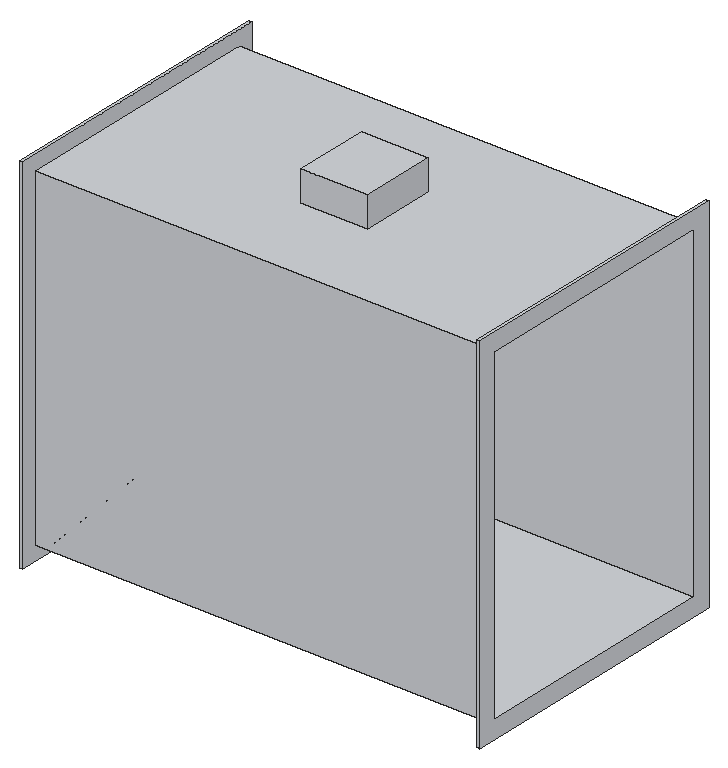
Revit family "CADS_Vent-Axia_MechEquip_Fan_TDF_PowerlineTwin - EXTRACT", category Mechanical Equipment, Revit 2020
Family settings
  Round Connector Dimension = Use Diameter
  Part Type = Normal
  OmniClass Number = 23.75.00.00
  OmniClass Title = Climate Control (HVAC)
  Work Plane-Based = No
  Always vertical = Yes
  Cut with Voids When Loaded = No
  Shared = No
  Room Calculation Point = No
Parameters (values of type "TDF32014")
  WorkingPressure = 0.0 Pa
  WarrantyStartDate [instance] = "1900-12-31T23:59:59"
  WarrantyPeriod = ""
  WarrantyIdentifier = "N/A"
  WarrantyGuarantorParts = "tech@vent-axia.com"
  WarrantyGuarantorLabor = "tech@vent-axia.com"
  WarrantyGuarantor = "Vent-Axia Limited"
  WarrantyEndDate [instance] = "1900-12-31T23:59:59"
  WarrantyContent = ""
  TemperatureRange = ""
  TagNumber [instance] = "N/A"
  SustainabilityPerformance = ""
  Status = "New"
  Size = ""
  Shape = ""
  ServiceLifeType = ""
  ServiceLifeDuration = ""
  SerialNumber [instance] = "N/A"
  ReplacementCost = ""
  RatedVoltage = 0 V
  RatedCurrent = 0 A
  Quantity = 1
  ProductionYear = ""
  PressureCurve = ""
  PowerFactor = ""
  PointOfContact = ""
  NumberOfPoles = 0
  NominalWidth = 500 mm
  NominalLength = 900 mm
  NominalHeight = 655 mm
  NominalFrequencyRange = ""
  NominalDiameter = 320 mm
  ModelReference = "POWERLINE TWIN CENTRIF IN LINE DUCT FAN"
  ModelNumber = "TDF32014"
  Material = ""
  ManufacturerE-Mail = "tech@vent-axia.com"
  ManufacturerAddress = "Fleming Way\nCrawley \nRH10 9YX"
  L = 130 mm
  K = 150 mm
  IsExtendedWarranty = no
  InsulationStandardClass = ""
  InstallationDate [instance] = "1900-12-31T23:59:59"
  IfcExportType [instance] = ""
  IfcExportAs = "IfcFanType"
  IP_Code = ""
  HasProtectiveEarth = no
  GrossWeight = 0.00 kg
  Grade = ""
  GlobalTradeItemNumber [instance] = "N/A"
  Fitting Type = "Ignore"
  Finish = ""
  Features = ""
  ExteriorInsulation = no
  ExpectedServiceLife = 0
  Exclusions = ""
  DurationUnit = "Year"
  Default Elevation = 0 mm
  Constituents = ""
  ConductorFunction = ""
  Color = ""
  CodePerformance = ""
  Category = ""
  CADS_Usage = 0
  CADS_Index = 0
  Baffle = NominalWidth - 10 mm  # 490 mm
  AssetType = "FIXED"
  AssetIdentifier [instance] = "N/A"
  AssemblyPlace = "UNKNOWN"
  ArticleNumber [instance] = "N/A"
  AirflowRateRange = 0.0 L/s
  Air Flow [instance] = 0.0 L/s
  AccessibilityPerformance = ""
Types (11, lengths in mm): name | NominalWidth | NominalLength | NominalHeight | NominalDiameter | ModelNumber | L | K | Baffle
  TDF32014 | 500 | 900 | 655 | 320 | "TDF32014" | 130 | 150 | 490
  TDF38014 | 550 | 1015 | 745 | 380 | "TDF38014" | 130 | 160 | 540
  TDF38034 | 550 | 1015 | 745 | 380 | "TDF38034" | 130 | 160 | 540
  TDF42014 | 625 | 1130 | 830 | 420 | "TDF42014" | 230 | 230 | 615
  TDF42034 | 625 | 1130 | 830 | 420 | "TDF42034" | 230 | 230 | 615
  TDF48014 | 700 | 1250 | 925 | 480 | "TDF48014" | 230 | 230 | 690
  TDF48034 | 700 | 1250 | 925 | 480 | "TDF48034" | 230 | 230 | 690
  TDF52034 | 775 | 1385 | 1055 | 520 | "TDF52034" | 230 | 230 | 765
  TDF52036 | 775 | 1385 | 1055 | 520 | "TDF52036" | 230 | 230 | 765
  TDF60034 | 850 | 1530 | 1200 | 600 | "TDF60034" | 230 | 230 | 840
  TDF60036 | 850 | 1530 | 1200 | 600 | "TDF60036" | 230 | 230 | 840
Reference planes
  plane 1 "Center (Front/Back)": y = 0
  plane 2 "Base": z = 0
  plane 3 "Center (Left/Right)": x = 0
  plane 4 "L": x = -450
  plane 5 "R": x = 450
  plane 6 "F": y = -250
  plane 7 "B": y = 250
  plane 8: z = 655
  plane 9 "T": z = 655
  plane 10: z = 436.667
  plane 11: z = 218.333
  plane 12: x = -225
  plane 13: x = -65
  plane 14: y = 75
  plane 15: x = 65
  plane 16: y = -75
  plane 17 "Motor B": z = -50
Forms (mm)
  Sweep 1, solid
    path origin (0, 0, 0) x (1, 0, 0) y (0, 1, 0)
      loop
        line (-450, 0) -> (450, 0)
    profile origin (0, 0, 0) x (0, 1, 0) y (0, 0, 1)
      loop
        line (250, 655) -> (-250, 655) -> (-250, 0) -> (250, 0) -> (250, 655)
      loop
        line (245, 650) -> (-245, 650) -> (-245, 5) -> (245, 5) -> (245, 650)
  Sweep 2, solid
    path origin (-450, 0, 0) x (0, 1, 0) y (0, 0, 1)
      loop
        line (250, 655) -> (-250, 655) -> (-250, 0) -> (250, 0) -> (250, 655)
    profile origin (-450, 0, 655) x (0, 0, -1) y (1, 0, 0)
      loop
        line (0, 0) -> (0, 5) -> (-30, 5) -> (-30, 0) -> (0, 0)
  Sweep 3, solid
    path origin (450, 0, 0) x (0, 1, 0) y (0, 0, 1)
      loop
        line (-250, 655) -> (-250, 0) -> (250, 0) -> (250, 655) -> (-250, 655)
    profile origin (450, 0, 655) x (0, 0, 1) y (1, 0, 0)
      loop
        line (0, 0) -> (0, -5) -> (30, -5) -> (30, 0) -> (0, 0)
  Extrusion 4, solid
    sketch origin (0, 250, 0) x (1, 0, 0) y (0, 0, 1)
      loop
        line (-425, 650) -> (-225, 436.667) -> (0, 436.667) -> (0, 218.333) -> (-225, 218.333) -> (-423.16, 5) -> (-418.16, 5) -> (-225, 212.78) -> (7.5, 212.78) -> (7.5, 446.114) -> (-225, 446.114) -> (-416.45, 650) -> (-425, 650)
    from 5 to 490 <- "Baffle"
  Extrusion 5, solid
    sketch origin (0, 0, 655) x (-1, 0, 0) y (0, -1, 0)
      loop
        line (65, -75) -> (65, 73.298) -> (-65, 73.298) -> (-65, -75) -> (65, -75)
    from 0 to 60
  Extrusion 6, solid
    sketch origin (0, 0, -50) x (1, 0, 0) y (0, 1, 0)
      loop
        line (-65, 75) -> (-65, -73.298) -> (65, -73.298) -> (65, 75) -> (-65, 75)
    from 0 to 60
Cuts and joins
  joined: Sweep 1, Sweep 2, Sweep 3
Lines and regions (mm)
  model lines, not visible
    curve 1: line (0, 0, 655) -> (-100, 0, 655)
    curve 2: line (0, 0, 655) -> (-27.189, 12.679, 655)
    curve 3: line (0, 0, 655) -> (-27.189, -12.679, 655)
  model lines
    curve 4: line (-225, 0, 655) -> (-325, 0, 655)
    curve 5: line (-225, 0, 655) -> (-252.189, 12.679, 655)
    curve 6: line (-225, 0, 655) -> (-252.189, -12.679, 655)
Dimensions and locks
  equal spacing: plane 4 "L", plane 3 "Center (Left/Right)", plane 5 "R"
  equal spacing: plane 7 "B", plane 1 "Center (Front/Back)", plane 6 "F"
  "NominalWidth": plane 7 "B" to plane 6 "F"
  "NominalLength": plane 4 "L" to plane 5 "R"
  "NominalHeight": plane 8 to plane 2 "Base"
  "NominalHeight": plane 9 "T" to plane 2 "Base"
  equal spacing: plane 9 "T", plane 10, plane 11, level
  equal spacing: plane 3 "Center (Left/Right)", plane 12, plane 4 "L"
  equal spacing: plane 13, plane 3 "Center (Left/Right)", plane 15
  equal spacing: plane 14, plane 1 "Center (Front/Back)", plane 16
  "L": plane 13 to plane 15
  "K": plane 14 to plane 16
  aligned and locked: level to plane 2 "Base"
  aligned and locked: plane 8 to Sweep 1 sketch curve
  aligned and locked: Sweep 1 sketch curve to plane 7 "B"
  aligned and locked: Sweep 1 sketch curve to profile plane
  aligned and locked: plane 6 "F" to Sweep 1 sketch curve
  aligned and locked: Sweep 2 sketch curve to Sweep 1
  aligned and locked: Sweep 3 sketch curve to Sweep 1  (x4)
  aligned and locked: plane 12 to curve 6
  aligned and locked: curve 4 to plane 1 "Center (Front/Back)"
Automatic sketch dimensions
  plane 1 "Center (Front/Back)" to Sweep 1 sketch curve = 0 mm
  Sweep 1 sketch curve to plane 4 "L" = 0 mm
  Sweep 1 sketch curve to plane 5 "R" = 0 mm
  Sweep 2 sketch curve to plane 4 "L" = 0 mm
  Sweep 2 sketch curve to profile plane = 0 mm
  plane 4 "L" to Sweep 2 sketch curve = 5 mm
  profile plane to Sweep 2 sketch curve = 30 mm
  Sweep 2 sketch curve to plane 6 "F" = 0 mm
  Sweep 2 sketch curve to level = 0 mm
  Sweep 2 sketch curve to plane 7 "B" = 0 mm
  Sweep 3 sketch curve to profile plane = 0 mm
  Sweep 3 sketch curve to plane 5 "R" = 0 mm
  Sweep 3 sketch curve to profile plane = 30 mm
  Sweep 3 sketch curve to Sweep 3 sketch curve = 5 mm
  Extrusion 4 sketch curve to plane 11 = 0 mm
  Extrusion 4 sketch curve to plane 12 = 0 mm  (x4)
  Extrusion 4 sketch curve to plane 10 = 0 mm
  Extrusion 4 sketch curve to plane 3 "Center (Left/Right)" = 0 mm
  level to Extrusion 4 sketch curve = 5 mm
  plane 4 "L" to Extrusion 4 sketch curve = 31.84 mm
  Extrusion 4 sketch curve to Extrusion 4 sketch curve = 5 mm
  plane 3 "Center (Left/Right)" to Extrusion 4 sketch curve = 7.5 mm
  Extrusion 4 sketch curve to plane 11 = 5.553 mm
  Extrusion 4 sketch curve to Extrusion 4 sketch curve = 9.447 mm
  plane 4 "L" to Extrusion 4 sketch curve = 33.55 mm
  Extrusion 4 sketch curve to plane 9 "T" = 5 mm
  Extrusion 4 sketch curve to Extrusion 4 sketch curve = 8.55 mm
  Extrusion 5 sketch curve to plane 14 = 0 mm
  Extrusion 5 sketch curve to plane 15 = 0 mm
  Extrusion 5 sketch curve to plane 13 = 0 mm
  Extrusion 5 sketch curve to plane 16 = 1.702 mm
  Extrusion 6 sketch curve to plane 13 = 0 mm
  Extrusion 6 sketch curve to plane 15 = 0 mm
  Extrusion 6 sketch curve to plane 14 = 0 mm
  Extrusion 6 sketch curve to plane 16 = 1.702 mm
  plane 1 "Center (Front/Back)" to curve 6 = 0 mm
  curve 6 to plane 12 = 0 mm
  curve 5 to plane 1 "Center (Front/Back)" = 12.679 mm
  curve 5 to plane 12 = 27.189 mm
  plane 1 "Center (Front/Back)" to curve 6 = 12.679 mm
  curve 6 to curve 5 = 0 mm
  curve 5 to curve 4 = 72.811 mm
  Sweep 1 sketch curve to Sweep 1 sketch curve = 5 mm  (x2)
  level to Sweep 1 sketch curve = 5 mm
  Sweep 1 sketch curve to plane 8 = 5 mm
Connectors
  hvac at (-450, 0, 327.5), driven by "NominalHeight", driven by "NominalWidth", driven by "Air Flow"
    settings: on cut or joined group of Sweep 1, Sweep 2, Sweep 3, index 1, duct flow 0.0 L/s, flow factor 0, pres drop 0.0 Pa, loss coef 0, conn angle 0.00°, conn width 500 mm, conn height 655 mm, conn diameter 609.6 mm, duct sys type 2, conn prof type 1, flow config 0, flow direction 1, loss method 0, conn ref index -1, conn util no, is conn primary yes, conn desc ""
  hvac at (450, 0, 327.5), driven by "NominalHeight", driven by "NominalWidth", driven by "Air Flow"
    settings: on cut or joined group of Sweep 1, Sweep 2, Sweep 3, index 2, duct flow 0.0 L/s, flow factor 0, pres drop 0.0 Pa, loss coef 0, conn angle 0.00°, conn width 500 mm, conn height 655 mm, conn diameter 609.6 mm, duct sys type 3, conn prof type 1, flow config 1, flow direction 2, loss method 0, conn ref index -1, conn util no, is conn primary no, conn desc ""
